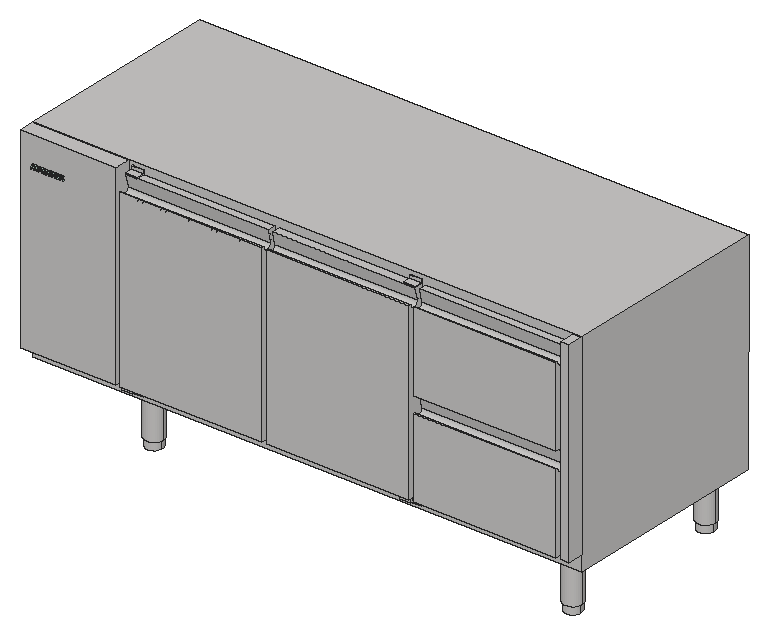
Revit family "QF_ALPENINOX_721130_AA3R7AAB", category Attrezzature speciali, Revit 2018 (continued)
Definition of nested family "HP_APX_BI_TN_L"
  Lines and regions (mm)
    Split face 120
      outline origin (330, -951.3, 50) x (1, 0, 0) y (0, 1, 0)
        loop
          arc (-286.464, 649.474) -> (-282.464, 653.474) -> (-286.464, 657.474) r 4
          line (-286.464, 657.474) -> (-328.464, 657.474)
    Split face 121
      outline origin (110, -951.3, 50) x (1, 0, 0) y (0, 1, 0)
        loop
          arc (-218.464, 657.474) -> (-222.464, 653.474) -> (-218.464, 649.474) r 4
          line (-218.464, 649.474) -> (-176.464, 649.474)
          arc (-176.464, 649.474) -> (-172.464, 653.474) -> (-176.464, 657.474) r 4
          line (-176.464, 657.474) -> (-218.464, 657.474)
    Split face 122
      outline origin (220, -951.3, 50) x (1, 0, 0) y (0, 1, 0)
        loop
          arc (-273.464, 657.474) -> (-277.464, 653.474) -> (-273.464, 649.474) r 4
          line (-273.464, 649.474) -> (-231.464, 649.474)
          arc (-231.464, 649.474) -> (-227.464, 653.474) -> (-231.464, 657.474) r 4
          line (-231.464, 657.474) -> (-273.464, 657.474)
    Split face 123
      outline origin (0, -975.3, 50) x (1, 0, 0) y (0, 1, 0)
        loop
          arc (-163.464, 669.474) -> (-167.464, 665.474) -> (-163.464, 661.474) r 4
          line (-163.464, 661.474) -> (-121.464, 661.474)
          arc (-121.464, 661.474) -> (-117.464, 665.474) -> (-121.464, 669.474) r 4
          line (-121.464, 669.474) -> (-163.464, 669.474)
    Split face 124
      outline origin (330, -975.3, 50) x (1, 0, 0) y (0, 1, 0)
        loop
          arc (-328.464, 669.474) -> (-332.464, 665.474) -> (-328.464, 661.474) r 4
          line (-328.464, 661.474) -> (-286.464, 661.474)
          arc (-286.464, 661.474) -> (-282.464, 665.474) -> (-286.464, 669.474) r 4
          line (-286.464, 669.474) -> (-328.464, 669.474)
    Split face 125
      outline origin (110, -975.3, 50) x (1, 0, 0) y (0, 1, 0)
        loop
          arc (-218.464, 669.474) -> (-222.464, 665.474) -> (-218.464, 661.474) r 4
          line (-218.464, 661.474) -> (-176.464, 661.474)
          arc (-176.464, 661.474) -> (-172.464, 665.474) -> (-176.464, 669.474) r 4
          line (-176.464, 669.474) -> (-218.464, 669.474)
    Split face 126
      outline origin (220, -975.3, 50) x (1, 0, 0) y (0, 1, 0)
        loop
          arc (-273.464, 669.474) -> (-277.464, 665.474) -> (-273.464, 661.474) r 4
          line (-273.464, 661.474) -> (-231.464, 661.474)
          arc (-231.464, 661.474) -> (-227.464, 665.474) -> (-231.464, 669.474) r 4
          line (-231.464, 669.474) -> (-273.464, 669.474)
    Split face 127
      outline origin (0, -999.3, 50) x (1, 0, 0) y (0, 1, 0)
        loop
          arc (-163.464, 681.474) -> (-167.464, 677.474) -> (-163.464, 673.474) r 4
          line (-163.464, 673.474) -> (-121.464, 673.474)
          arc (-121.464, 673.474) -> (-117.464, 677.474) -> (-121.464, 681.474) r 4
          line (-121.464, 681.474) -> (-163.464, 681.474)
    Split face 128
      outline origin (330, -999.3, 50) x (1, 0, 0) y (0, 1, 0)
        loop
          arc (-328.464, 681.474) -> (-332.464, 677.474) -> (-328.464, 673.474) r 4
          line (-328.464, 673.474) -> (-286.464, 673.474)
          arc (-286.464, 673.474) -> (-282.464, 677.474) -> (-286.464, 681.474) r 4
          line (-286.464, 681.474) -> (-328.464, 681.474)
    Split face 129
      outline origin (110, -999.3, 50) x (1, 0, 0) y (0, 1, 0)
        loop
          arc (-218.464, 681.474) -> (-222.464, 677.474) -> (-218.464, 673.474) r 4
          line (-218.464, 673.474) -> (-176.464, 673.474)
          arc (-176.464, 673.474) -> (-172.464, 677.474) -> (-176.464, 681.474) r 4
          line (-176.464, 681.474) -> (-218.464, 681.474)
    Split face 130
      outline origin (220, -999.3, 50) x (1, 0, 0) y (0, 1, 0)
        loop
          arc (-273.464, 681.474) -> (-277.464, 677.474) -> (-273.464, 673.474) r 4
          line (-273.464, 673.474) -> (-231.464, 673.474)
          arc (-231.464, 673.474) -> (-227.464, 677.474) -> (-231.464, 681.474) r 4
          line (-231.464, 681.474) -> (-273.464, 681.474)
    Split face 131
      outline origin (0, -1023.3, 50) x (1, 0, 0) y (0, 1, 0)
        loop
          arc (-163.464, 693.474) -> (-167.464, 689.474) -> (-163.464, 685.474) r 4
          line (-163.464, 685.474) -> (-121.464, 685.474)
          arc (-121.464, 685.474) -> (-117.464, 689.474) -> (-121.464, 693.474) r 4
          line (-121.464, 693.474) -> (-163.464, 693.474)
    Split face 132
      outline origin (330, -1023.3, 50) x (1, 0, 0) y (0, 1, 0)
        loop
          arc (-328.464, 693.474) -> (-332.464, 689.474) -> (-328.464, 685.474) r 4
          line (-328.464, 685.474) -> (-286.464, 685.474)
          arc (-286.464, 685.474) -> (-282.464, 689.474) -> (-286.464, 693.474) r 4
          line (-286.464, 693.474) -> (-328.464, 693.474)
    Split face 133
      outline origin (110, -1023.3, 50) x (1, 0, 0) y (0, 1, 0)
        loop
          arc (-218.464, 693.474) -> (-222.464, 689.474) -> (-218.464, 685.474) r 4
          line (-218.464, 685.474) -> (-176.464, 685.474)
          arc (-176.464, 685.474) -> (-172.464, 689.474) -> (-176.464, 693.474) r 4
          line (-176.464, 693.474) -> (-218.464, 693.474)
    Split face 134
      outline origin (220, -1023.3, 50) x (1, 0, 0) y (0, 1, 0)
        loop
          arc (-273.464, 693.474) -> (-277.464, 689.474) -> (-273.464, 685.474) r 4
          line (-273.464, 685.474) -> (-231.464, 685.474)
          arc (-231.464, 685.474) -> (-227.464, 689.474) -> (-231.464, 693.474) r 4
          line (-231.464, 693.474) -> (-273.464, 693.474)
    symbolic lines
      curve 1: line (87.08, -49, 50) -> (87.08, -49, 0)
  Dimensions and locks
    equal spacing: plane 6, plane 1 "Center (Front/Back)", plane 7
    equal spacing: plane 4, plane 3 "Center (Left/Right)", plane 5
    aligned and locked: plane 2 to Extrusion 1
    aligned and locked: level to Extrusion 1
  Automatic sketch dimensions
    Split face 5 sketch curve to Split face 5 sketch curve = 42 mm
    Split face 5 sketch curve to Split face 5 sketch curve = 4 mm
    Split face 6 sketch curve to Split face 6 sketch curve = 42 mm
    Split face 6 sketch curve to Split face 6 sketch curve = 4 mm
    Split face 7 sketch curve to Split face 7 sketch curve = 42 mm
    Split face 7 sketch curve to Split face 7 sketch curve = 4 mm
    Split face 8 sketch curve to Split face 8 sketch curve = 42 mm
    Split face 8 sketch curve to Split face 8 sketch curve = 4 mm
    Split face 9 sketch curve to Split face 9 sketch curve = 42 mm
    Split face 9 sketch curve to Split face 9 sketch curve = 4 mm
    Split face 10 sketch curve to Split face 10 sketch curve = 42 mm
    Split face 10 sketch curve to Split face 10 sketch curve = 4 mm
    Split face 11 sketch curve to Split face 11 sketch curve = 42 mm
    Split face 11 sketch curve to Split face 11 sketch curve = 4 mm
    Split face 12 sketch curve to Split face 12 sketch curve = 42 mm
    Split face 12 sketch curve to Split face 12 sketch curve = 4 mm
    Split face 13 sketch curve to Split face 13 sketch curve = 42 mm
    Split face 13 sketch curve to Split face 13 sketch curve = 4 mm
    Split face 14 sketch curve to Split face 14 sketch curve = 42 mm
    Split face 14 sketch curve to Split face 14 sketch curve = 4 mm
    Split face 15 sketch curve to Split face 15 sketch curve = 42 mm
    Split face 15 sketch curve to Split face 15 sketch curve = 4 mm
    Split face 16 sketch curve to Split face 16 sketch curve = 42 mm
    Split face 16 sketch curve to Split face 16 sketch curve = 4 mm
    Split face 17 sketch curve to Split face 17 sketch curve = 42 mm
    Split face 17 sketch curve to Split face 17 sketch curve = 4 mm
    Split face 18 sketch curve to Split face 18 sketch curve = 42 mm
    Split face 18 sketch curve to Split face 18 sketch curve = 4 mm
    Split face 19 sketch curve to Split face 19 sketch curve = 42 mm
    Split face 19 sketch curve to Split face 19 sketch curve = 4 mm
    Split face 20 sketch curve to Split face 20 sketch curve = 42 mm
    Split face 20 sketch curve to Split face 20 sketch curve = 4 mm
    Split face 21 sketch curve to Split face 21 sketch curve = 42 mm
    Split face 21 sketch curve to Split face 21 sketch curve = 4 mm
    Split face 22 sketch curve to Split face 22 sketch curve = 42 mm
    Split face 22 sketch curve to Split face 22 sketch curve = 4 mm
    Split face 23 sketch curve to Split face 23 sketch curve = 42 mm
    Split face 23 sketch curve to Split face 23 sketch curve = 4 mm
    Split face 24 sketch curve to Split face 24 sketch curve = 42 mm
    Split face 24 sketch curve to Split face 24 sketch curve = 4 mm
    Split face 25 sketch curve to Split face 25 sketch curve = 42 mm
    Split face 25 sketch curve to Split face 25 sketch curve = 4 mm
    Split face 26 sketch curve to Split face 26 sketch curve = 42 mm
    Split face 26 sketch curve to Split face 26 sketch curve = 4 mm
    Split face 27 sketch curve to Split face 27 sketch curve = 42 mm
    Split face 27 sketch curve to Split face 27 sketch curve = 4 mm
    Split face 28 sketch curve to Split face 28 sketch curve = 42 mm
    Split face 28 sketch curve to Split face 28 sketch curve = 4 mm
    Split face 29 sketch curve to Split face 29 sketch curve = 42 mm
    Split face 29 sketch curve to Split face 29 sketch curve = 4 mm
    Split face 30 sketch curve to Split face 30 sketch curve = 42 mm
    Split face 30 sketch curve to Split face 30 sketch curve = 4 mm
    Split face 31 sketch curve to Split face 31 sketch curve = 42 mm
    Split face 31 sketch curve to Split face 31 sketch curve = 4 mm
    Split face 32 sketch curve to Split face 32 sketch curve = 42 mm
    Split face 32 sketch curve to Split face 32 sketch curve = 4 mm
    Split face 33 sketch curve to Split face 33 sketch curve = 42 mm
    Split face 33 sketch curve to Split face 33 sketch curve = 4 mm
    Split face 34 sketch curve to Split face 34 sketch curve = 42 mm
    Split face 34 sketch curve to Split face 34 sketch curve = 4 mm
    Split face 35 sketch curve to Split face 35 sketch curve = 42 mm
    Split face 35 sketch curve to Split face 35 sketch curve = 4 mm
    Split face 36 sketch curve to Split face 36 sketch curve = 42 mm
    Split face 36 sketch curve to Split face 36 sketch curve = 4 mm
    Split face 37 sketch curve to Split face 37 sketch curve = 42 mm
    Split face 37 sketch curve to Split face 37 sketch curve = 4 mm
    Split face 38 sketch curve to Split face 38 sketch curve = 42 mm
    Split face 38 sketch curve to Split face 38 sketch curve = 4 mm
    Split face 39 sketch curve to Split face 39 sketch curve = 42 mm
    Split face 39 sketch curve to Split face 39 sketch curve = 4 mm
    Split face 40 sketch curve to Split face 40 sketch curve = 42 mm
    Split face 40 sketch curve to Split face 40 sketch curve = 4 mm
    Split face 41 sketch curve to Split face 41 sketch curve = 42 mm
    Split face 41 sketch curve to Split face 41 sketch curve = 4 mm
    Split face 42 sketch curve to Split face 42 sketch curve = 42 mm
    Split face 42 sketch curve to Split face 42 sketch curve = 4 mm
    Split face 43 sketch curve to Split face 43 sketch curve = 42 mm
    Split face 43 sketch curve to Split face 43 sketch curve = 4 mm
    Split face 44 sketch curve to Split face 44 sketch curve = 42 mm
    Split face 44 sketch curve to Split face 44 sketch curve = 4 mm
    Split face 45 sketch curve to Split face 45 sketch curve = 42 mm
    Split face 45 sketch curve to Split face 45 sketch curve = 4 mm
    Split face 46 sketch curve to Split face 46 sketch curve = 42 mm
    Split face 46 sketch curve to Split face 46 sketch curve = 4 mm
    Split face 47 sketch curve to Split face 47 sketch curve = 42 mm
    Split face 47 sketch curve to Split face 47 sketch curve = 4 mm
    Split face 48 sketch curve to Split face 48 sketch curve = 42 mm
    Split face 48 sketch curve to Split face 48 sketch curve = 4 mm
    Split face 49 sketch curve to Split face 49 sketch curve = 42 mm
    Split face 49 sketch curve to Split face 49 sketch curve = 4 mm
    Split face 50 sketch curve to Split face 50 sketch curve = 42 mm
    Split face 50 sketch curve to Split face 50 sketch curve = 4 mm
    Split face 51 sketch curve to Split face 51 sketch curve = 42 mm
    Split face 51 sketch curve to Split face 51 sketch curve = 4 mm
    Split face 52 sketch curve to Split face 52 sketch curve = 42 mm
    Split face 52 sketch curve to Split face 52 sketch curve = 4 mm
    Split face 53 sketch curve to Split face 53 sketch curve = 42 mm
    Split face 53 sketch curve to Split face 53 sketch curve = 4 mm
    Split face 54 sketch curve to Split face 54 sketch curve = 42 mm
    Split face 54 sketch curve to Split face 54 sketch curve = 4 mm
    Split face 55 sketch curve to Split face 55 sketch curve = 42 mm
    Split face 55 sketch curve to Split face 55 sketch curve = 4 mm
    Split face 56 sketch curve to Split face 56 sketch curve = 42 mm
    Split face 56 sketch curve to Split face 56 sketch curve = 4 mm
    Split face 57 sketch curve to Split face 57 sketch curve = 42 mm
    Split face 57 sketch curve to Split face 57 sketch curve = 4 mm
    Split face 58 sketch curve to Split face 58 sketch curve = 42 mm
    Split face 58 sketch curve to Split face 58 sketch curve = 4 mm
    Split face 59 sketch curve to Split face 59 sketch curve = 42 mm
    Split face 59 sketch curve to Split face 59 sketch curve = 4 mm
    Split face 60 sketch curve to Split face 60 sketch curve = 42 mm
    Split face 60 sketch curve to Split face 60 sketch curve = 4 mm
    Split face 61 sketch curve to Split face 61 sketch curve = 42 mm
    Split face 61 sketch curve to Split face 61 sketch curve = 4 mm
    Split face 62 sketch curve to Split face 62 sketch curve = 42 mm
    Split face 62 sketch curve to Split face 62 sketch curve = 4 mm
    Split face 63 sketch curve to Split face 63 sketch curve = 42 mm
    Split face 63 sketch curve to Split face 63 sketch curve = 4 mm
    Split face 64 sketch curve to Split face 64 sketch curve = 42 mm
    Split face 64 sketch curve to Split face 64 sketch curve = 4 mm
    Split face 65 sketch curve to Split face 65 sketch curve = 42 mm
    Split face 65 sketch curve to Split face 65 sketch curve = 4 mm
    Split face 66 sketch curve to Split face 66 sketch curve = 42 mm
    Split face 66 sketch curve to Split face 66 sketch curve = 4 mm
    Split face 67 sketch curve to Split face 67 sketch curve = 42 mm
    Split face 67 sketch curve to Split face 67 sketch curve = 4 mm
    Split face 68 sketch curve to Split face 68 sketch curve = 42 mm
    Split face 68 sketch curve to Split face 68 sketch curve = 4 mm
    Split face 69 sketch curve to Split face 69 sketch curve = 42 mm
    Split face 69 sketch curve to Split face 69 sketch curve = 4 mm
    Split face 71 sketch curve to Split face 71 sketch curve = 42 mm
    Split face 71 sketch curve to Split face 71 sketch curve = 4 mm
    Split face 72 sketch curve to Split face 72 sketch curve = 42 mm
    Split face 72 sketch curve to Split face 72 sketch curve = 4 mm
    Split face 73 sketch curve to Split face 73 sketch curve = 42 mm
    Split face 73 sketch curve to Split face 73 sketch curve = 4 mm
    Split face 74 sketch curve to Split face 74 sketch curve = 42 mm
    Split face 74 sketch curve to Split face 74 sketch curve = 4 mm
    Split face 75 sketch curve to Split face 75 sketch curve = 42 mm
    Split face 75 sketch curve to Split face 75 sketch curve = 4 mm
    Split face 76 sketch curve to Split face 76 sketch curve = 42 mm
    Split face 76 sketch curve to Split face 76 sketch curve = 4 mm
    Split face 77 sketch curve to Split face 77 sketch curve = 42 mm
    Split face 77 sketch curve to Split face 77 sketch curve = 4 mm
    Split face 78 sketch curve to Split face 78 sketch curve = 42 mm
    Split face 78 sketch curve to Split face 78 sketch curve = 4 mm
    Split face 79 sketch curve to Split face 79 sketch curve = 42 mm
    Split face 79 sketch curve to Split face 79 sketch curve = 4 mm
    Split face 80 sketch curve to Split face 80 sketch curve = 42 mm
    Split face 80 sketch curve to Split face 80 sketch curve = 4 mm
    Split face 81 sketch curve to Split face 81 sketch curve = 42 mm
    Split face 81 sketch curve to Split face 81 sketch curve = 4 mm
    Split face 82 sketch curve to Split face 82 sketch curve = 42 mm
    Split face 82 sketch curve to Split face 82 sketch curve = 4 mm
    Split face 83 sketch curve to Split face 83 sketch curve = 42 mm
    Split face 83 sketch curve to Split face 83 sketch curve = 4 mm
    Split face 84 sketch curve to Split face 84 sketch curve = 42 mm
    Split face 84 sketch curve to Split face 84 sketch curve = 4 mm
    Split face 85 sketch curve to Split face 85 sketch curve = 42 mm
    Split face 85 sketch curve to Split face 85 sketch curve = 4 mm
    Split face 86 sketch curve to Split face 86 sketch curve = 42 mm
    Split face 86 sketch curve to Split face 86 sketch curve = 4 mm
    Split face 87 sketch curve to Split face 87 sketch curve = 42 mm
    Split face 87 sketch curve to Split face 87 sketch curve = 4 mm
    Split face 88 sketch curve to Split face 88 sketch curve = 42 mm
    Split face 88 sketch curve to Split face 88 sketch curve = 4 mm
    Split face 89 sketch curve to Split face 89 sketch curve = 42 mm
    Split face 89 sketch curve to Split face 89 sketch curve = 4 mm
    Split face 90 sketch curve to Split face 90 sketch curve = 42 mm
    Split face 90 sketch curve to Split face 90 sketch curve = 4 mm
    Split face 91 sketch curve to Split face 91 sketch curve = 42 mm
    Split face 91 sketch curve to Split face 91 sketch curve = 4 mm
    Split face 92 sketch curve to Split face 92 sketch curve = 42 mm
    Split face 92 sketch curve to Split face 92 sketch curve = 4 mm
    Split face 93 sketch curve to Split face 93 sketch curve = 42 mm
    Split face 93 sketch curve to Split face 93 sketch curve = 4 mm
    Split face 94 sketch curve to Split face 94 sketch curve = 42 mm
    Split face 94 sketch curve to Split face 94 sketch curve = 4 mm
    Split face 95 sketch curve to Split face 95 sketch curve = 42 mm
    Split face 95 sketch curve to Split face 95 sketch curve = 4 mm
    Split face 96 sketch curve to Split face 96 sketch curve = 42 mm
    Split face 96 sketch curve to Split face 96 sketch curve = 4 mm
    Split face 97 sketch curve to Split face 97 sketch curve = 42 mm
    Split face 97 sketch curve to Split face 97 sketch curve = 4 mm
    Split face 98 sketch curve to Split face 98 sketch curve = 42 mm
    Split face 98 sketch curve to Split face 98 sketch curve = 4 mm
    Split face 99 sketch curve to Split face 99 sketch curve = 42 mm
    Split face 99 sketch curve to Split face 99 sketch curve = 4 mm
    Split face 100 sketch curve to Split face 100 sketch curve = 42 mm
    Split face 100 sketch curve to Split face 100 sketch curve = 4 mm
    Split face 101 sketch curve to Split face 101 sketch curve = 42 mm
    Split face 101 sketch curve to Split face 101 sketch curve = 4 mm
    Split face 102 sketch curve to Split face 102 sketch curve = 42 mm
    Split face 102 sketch curve to Split face 102 sketch curve = 4 mm
    Split face 103 sketch curve to Split face 103 sketch curve = 42 mm
    Split face 103 sketch curve to Split face 103 sketch curve = 4 mm
    Split face 104 sketch curve to Split face 104 sketch curve = 42 mm
    Split face 104 sketch curve to Split face 104 sketch curve = 4 mm
    Split face 105 sketch curve to Split face 105 sketch curve = 42 mm
    Split face 105 sketch curve to Split face 105 sketch curve = 4 mm
    Split face 106 sketch curve to Split face 106 sketch curve = 42 mm
    Split face 106 sketch curve to Split face 106 sketch curve = 4 mm
    Split face 107 sketch curve to Split face 107 sketch curve = 42 mm
    Split face 107 sketch curve to Split face 107 sketch curve = 4 mm
    Split face 108 sketch curve to Split face 108 sketch curve = 42 mm
    Split face 108 sketch curve to Split face 108 sketch curve = 4 mm
    Split face 109 sketch curve to Split face 109 sketch curve = 42 mm
    Split face 109 sketch curve to Split face 109 sketch curve = 4 mm
    Split face 110 sketch curve to Split face 110 sketch curve = 42 mm
    Split face 110 sketch curve to Split face 110 sketch curve = 4 mm
    Split face 111 sketch curve to Split face 111 sketch curve = 42 mm
    Split face 111 sketch curve to Split face 111 sketch curve = 4 mm
    Split face 112 sketch curve to Split face 112 sketch curve = 42 mm
    Split face 112 sketch curve to Split face 112 sketch curve = 4 mm
    Split face 113 sketch curve to Split face 113 sketch curve = 42 mm
    Split face 113 sketch curve to Split face 113 sketch curve = 4 mm
    Split face 114 sketch curve to Split face 114 sketch curve = 42 mm
    Split face 114 sketch curve to Split face 114 sketch curve = 4 mm
    Split face 115 sketch curve to Split face 115 sketch curve = 42 mm
    Split face 115 sketch curve to Split face 115 sketch curve = 4 mm
    Split face 116 sketch curve to Split face 116 sketch curve = 42 mm
    Split face 116 sketch curve to Split face 116 sketch curve = 4 mm
    Split face 117 sketch curve to Split face 117 sketch curve = 42 mm
    Split face 117 sketch curve to Split face 117 sketch curve = 4 mm
    Split face 118 sketch curve to Split face 118 sketch curve = 42 mm
    Split face 118 sketch curve to Split face 118 sketch curve = 4 mm
    Split face 119 sketch curve to Split face 119 sketch curve = 42 mm
    Split face 119 sketch curve to Split face 119 sketch curve = 4 mm
    Split face 120 sketch curve to Split face 120 sketch curve = 42 mm
    Split face 120 sketch curve to Split face 120 sketch curve = 4 mm
    Split face 121 sketch curve to Split face 121 sketch curve = 42 mm
    Split face 121 sketch curve to Split face 121 sketch curve = 4 mm
    Split face 122 sketch curve to Split face 122 sketch curve = 42 mm
    Split face 122 sketch curve to Split face 122 sketch curve = 4 mm
    Split face 123 sketch curve to Split face 123 sketch curve = 42 mm
    Split face 123 sketch curve to Split face 123 sketch curve = 4 mm
    Split face 124 sketch curve to Split face 124 sketch curve = 42 mm
    Split face 124 sketch curve to Split face 124 sketch curve = 4 mm
    Split face 125 sketch curve to Split face 125 sketch curve = 42 mm
    Split face 125 sketch curve to Split face 125 sketch curve = 4 mm
    Split face 126 sketch curve to Split face 126 sketch curve = 42 mm
    Split face 126 sketch curve to Split face 126 sketch curve = 4 mm
    Split face 127 sketch curve to Split face 127 sketch curve = 42 mm
    Split face 127 sketch curve to Split face 127 sketch curve = 4 mm
    Split face 128 sketch curve to Split face 128 sketch curve = 42 mm
    Split face 128 sketch curve to Split face 128 sketch curve = 4 mm
    Split face 129 sketch curve to Split face 129 sketch curve = 42 mm
    Split face 129 sketch curve to Split face 129 sketch curve = 4 mm
    Split face 130 sketch curve to Split face 130 sketch curve = 42 mm
    Split face 130 sketch curve to Split face 130 sketch curve = 4 mm
    Split face 131 sketch curve to Split face 131 sketch curve = 42 mm
    Split face 131 sketch curve to Split face 131 sketch curve = 4 mm
    Split face 132 sketch curve to Split face 132 sketch curve = 42 mm
    Split face 132 sketch curve to Split face 132 sketch curve = 4 mm
    Split face 133 sketch curve to Split face 133 sketch curve = 42 mm
    Split face 133 sketch curve to Split face 133 sketch curve = 4 mm
    Split face 134 sketch curve to Split face 134 sketch curve = 42 mm
    Split face 134 sketch curve to Split face 134 sketch curve = 4 mm
    Extrusion 1 sketch curve to Extrusion 1 sketch curve = 2438.4 mm  (x2)
    Extrusion 2 sketch curve to plane 4 = 0 mm
    Extrusion 2 sketch curve to plane 5 = 0 mm
    Extrusion 2 sketch curve to plane 7 = 0 mm
    Extrusion 2 sketch curve to plane 6 = 0 mm
    Split face 1 sketch curve to Extrusion 2 = 0 mm  (x2)
    Split face 1 sketch curve to Extrusion 2 = 34 mm
    Split face 1 sketch curve to Extrusion 2 = 104 mm
    Split face 1 sketch curve to Split face 1 sketch curve = 17.5 mm
    Split face 2 sketch curve to Extrusion 2 = 130.5 mm
    Split face 2 sketch curve to Extrusion 2 = 60.5 mm
    Split face 2 sketch curve to Extrusion 2 = 98 mm
    Split face 2 sketch curve to Split face 2 sketch curve = 23 mm
    Split face 3 sketch curve to Extrusion 2 = 80.5 mm
    Split face 3 sketch curve to Split face 3 sketch curve = 17 mm  (x2)
    Split face 3 sketch curve to Extrusion 2 = 95 mm
    plane 4 to Extrusion 3 sketch curve = 34.51 mm
    Extrusion 3 sketch curve to Extrusion 3 sketch curve = 1.266 mm
    Extrusion 3 sketch curve to Extrusion 3 sketch curve = 1.307 mm
    Extrusion 3 sketch curve to Extrusion 3 sketch curve = 0.57 mm
    Extrusion 3 sketch curve to Extrusion 3 sketch curve = 0.593 mm
    Extrusion 3 sketch curve to Extrusion 3 sketch curve = 0.799 mm
    Extrusion 3 sketch curve to Extrusion 3 sketch curve = 1.99 mm  (x2)
    Extrusion 3 sketch curve to Extrusion 3 sketch curve = 0.003 mm
    Extrusion 3 sketch curve to Extrusion 3 sketch curve = 3.534 mm
    Extrusion 3 sketch curve to Extrusion 3 sketch curve = 0.835 mm
    Extrusion 3 sketch curve to Extrusion 3 sketch curve = 0.56 mm
    Extrusion 3 sketch curve to Extrusion 3 sketch curve = 1.268 mm
    Extrusion 3 sketch curve to Extrusion 3 sketch curve = 1.223 mm
    Extrusion 3 sketch curve to Extrusion 3 sketch curve = 1.344 mm
    Extrusion 3 sketch curve to Extrusion 3 sketch curve = 1.394 mm  (x2)
    Extrusion 3 sketch curve to Extrusion 3 sketch curve = 1.512 mm
    Extrusion 3 sketch curve to Extrusion 3 sketch curve = 3.309 mm
    Extrusion 3 sketch curve to Extrusion 3 sketch curve = 5.841 mm
    Extrusion 3 sketch curve to Extrusion 3 sketch curve = 1.393 mm
    Extrusion 3 sketch curve to Extrusion 3 sketch curve = 1.439 mm
    Extrusion 3 sketch curve to Extrusion 3 sketch curve = 0 mm  (x19)
    Extrusion 3 sketch curve to Extrusion 3 sketch curve = 1.902 mm
    Extrusion 3 sketch curve to Extrusion 3 sketch curve = 0.052 mm
    Extrusion 3 sketch curve to Extrusion 3 sketch curve = 2.065 mm
    Extrusion 3 sketch curve to Extrusion 3 sketch curve = 0.647 mm
    Extrusion 3 sketch curve to Extrusion 3 sketch curve = 8.079 mm
    Extrusion 3 sketch curve to Extrusion 3 sketch curve = 0.073 mm
    Extrusion 3 sketch curve to Extrusion 3 sketch curve = 2.145 mm
    Extrusion 3 sketch curve to Extrusion 3 sketch curve = 2.931 mm
    Extrusion 3 sketch curve to Extrusion 3 sketch curve = 0.213 mm
    Extrusion 3 sketch curve to Extrusion 3 sketch curve = 0.026 mm
    Extrusion 3 sketch curve to Extrusion 3 sketch curve = 0.263 mm
    Extrusion 3 sketch curve to Extrusion 3 sketch curve = 0.516 mm
    Extrusion 3 sketch curve to Extrusion 3 sketch curve = 0.356 mm
    Extrusion 3 sketch curve to Extrusion 3 sketch curve = 0.387 mm
    Extrusion 3 sketch curve to Extrusion 3 sketch curve = 2.378 mm
    Extrusion 3 sketch curve to Extrusion 3 sketch curve = 2.466 mm
    Extrusion 3 sketch curve to Extrusion 3 sketch curve = 0.602 mm
    Extrusion 3 sketch curve to Extrusion 3 sketch curve = 1.02 mm
    Extrusion 3 sketch curve to Extrusion 3 sketch curve = 0.949 mm
    Extrusion 3 sketch curve to Extrusion 3 sketch curve = 1.728 mm
    Extrusion 3 sketch curve to Extrusion 3 sketch curve = 0.157 mm  (x2)
    Extrusion 3 sketch curve to Extrusion 3 sketch curve = 0.292 mm
    Extrusion 3 sketch curve to Extrusion 3 sketch curve = 3.565 mm
    Extrusion 3 sketch curve to Extrusion 3 sketch curve = 1.396 mm  (x2)
    Extrusion 3 sketch curve to Extrusion 3 sketch curve = 1.418 mm  (x2)
    Extrusion 3 sketch curve to Extrusion 3 sketch curve = 1.151 mm  (x2)
    Extrusion 3 sketch curve to Extrusion 3 sketch curve = 5.709 mm  (x2)
    Extrusion 3 sketch curve to Extrusion 3 sketch curve = 0.224 mm  (x2)
    Extrusion 3 sketch curve to Extrusion 3 sketch curve = 1.149 mm  (x2)
    Extrusion 3 sketch curve to Extrusion 3 sketch curve = 1.395 mm  (x2)
    Extrusion 3 sketch curve to Extrusion 3 sketch curve = 1.744 mm
    Extrusion 3 sketch curve to Extrusion 3 sketch curve = 1.745 mm
    Extrusion 3 sketch curve to Extrusion 3 sketch curve = 6.963 mm
    Extrusion 3 sketch curve to Extrusion 3 sketch curve = 0.493 mm  (x3)
    Extrusion 3 sketch curve to Extrusion 3 sketch curve = 0.273 mm  (x2)
    Extrusion 3 sketch curve to Extrusion 3 sketch curve = 0.021 mm  (x2)
    Extrusion 3 sketch curve to Extrusion 3 sketch curve = 0.226 mm  (x2)
    Extrusion 3 sketch curve to Extrusion 3 sketch curve = 0.268 mm  (x2)
    Extrusion 3 sketch curve to Extrusion 3 sketch curve = 0.294 mm
    Extrusion 3 sketch curve to Extrusion 3 sketch curve = 5.238 mm
    Extrusion 3 sketch curve to Extrusion 3 sketch curve = 5.908 mm
    Extrusion 3 sketch curve to Extrusion 3 sketch curve = 1.109 mm  (x2)
    Extrusion 3 sketch curve to Extrusion 3 sketch curve = 1.108 mm  (x2)
    Extrusion 3 sketch curve to Extrusion 3 sketch curve = 1.142 mm  (x2)
    Extrusion 3 sketch curve to Extrusion 3 sketch curve = 1.216 mm  (x2)
    Extrusion 3 sketch curve to Extrusion 3 sketch curve = 3.013 mm
    Extrusion 3 sketch curve to Extrusion 3 sketch curve = 1.616 mm  (x3)
    Extrusion 3 sketch curve to Extrusion 3 sketch curve = 2.305 mm
    Extrusion 3 sketch curve to Extrusion 3 sketch curve = 3.049 mm
    Extrusion 3 sketch curve to plane 6 = 93.469 mm
    Extrusion 3 sketch curve to Extrusion 3 sketch curve = 0.498 mm
    Extrusion 3 sketch curve to Extrusion 3 sketch curve = 0.682 mm
    Extrusion 3 sketch curve to Extrusion 3 sketch curve = 0.664 mm
    Extrusion 3 sketch curve to Extrusion 3 sketch curve = 0.425 mm
    Extrusion 3 sketch curve to Extrusion 3 sketch curve = 0.41 mm
    Extrusion 3 sketch curve to Extrusion 3 sketch curve = 1.272 mm
    Extrusion 3 sketch curve to Extrusion 3 sketch curve = 0.789 mm  (x2)
    Extrusion 3 sketch curve to Extrusion 3 sketch curve = 0.056 mm
    Extrusion 3 sketch curve to Extrusion 3 sketch curve = 0.83 mm
    Extrusion 3 sketch curve to Extrusion 3 sketch curve = 1.238 mm
    Extrusion 3 sketch curve to Extrusion 3 sketch curve = 1.732 mm
    Extrusion 3 sketch curve to Extrusion 3 sketch curve = 0.346 mm
    Extrusion 3 sketch curve to Extrusion 3 sketch curve = 1.123 mm
    Extrusion 3 sketch curve to Extrusion 3 sketch curve = 3.023 mm
    Extrusion 3 sketch curve to Extrusion 3 sketch curve = 4.203 mm
    Extrusion 3 sketch curve to Extrusion 3 sketch curve = 3.452 mm  (x2)
    Extrusion 3 sketch curve to Extrusion 3 sketch curve = 2.544 mm
    Extrusion 3 sketch curve to Extrusion 3 sketch curve = 1.177 mm
    Extrusion 3 sketch curve to Extrusion 3 sketch curve = 3.261 mm
    Extrusion 3 sketch curve to Extrusion 3 sketch curve = 0.352 mm  (x2)
    Extrusion 3 sketch curve to Extrusion 3 sketch curve = 1.987 mm
    Extrusion 3 sketch curve to Extrusion 3 sketch curve = 0.171 mm
    Extrusion 3 sketch curve to Extrusion 3 sketch curve = 0.533 mm  (x3)
    Extrusion 3 sketch curve to Extrusion 3 sketch curve = 0.14 mm  (x4)
    Extrusion 3 sketch curve to Extrusion 3 sketch curve = 0.473 mm
    Extrusion 3 sketch curve to Extrusion 3 sketch curve = 0.31 mm  (x2)
    Extrusion 3 sketch curve to Extrusion 3 sketch curve = 0.075 mm
    Extrusion 3 sketch curve to Extrusion 3 sketch curve = 2.431 mm
    Extrusion 3 sketch curve to Extrusion 3 sketch curve = 2.32 mm  (x2)
    Extrusion 3 sketch curve to Extrusion 3 sketch curve = 1.992 mm
    Extrusion 3 sketch curve to Extrusion 3 sketch curve = 0.674 mm
    Extrusion 3 sketch curve to Extrusion 3 sketch curve = 0.732 mm
    Extrusion 3 sketch curve to Extrusion 3 sketch curve = 0.388 mm
    Extrusion 3 sketch curve to Extrusion 3 sketch curve = 0.121 mm
    Extrusion 3 sketch curve to Extrusion 3 sketch curve = 2.589 mm
    Extrusion 3 sketch curve to Extrusion 3 sketch curve = 0.662 mm
    Extrusion 3 sketch curve to Extrusion 3 sketch curve = 3.473 mm
    Extrusion 3 sketch curve to Extrusion 3 sketch curve = 0.681 mm
    Extrusion 3 sketch curve to Extrusion 3 sketch curve = 1.615 mm
    Extrusion 3 sketch curve to Extrusion 3 sketch curve = 0.34 mm
    Extrusion 3 sketch curve to Extrusion 3 sketch curve = 2.288 mm
    Extrusion 3 sketch curve to Extrusion 3 sketch curve = 0.942 mm
    Extrusion 3 sketch curve to Extrusion 3 sketch curve = 5.4 mm
    Extrusion 3 sketch curve to Extrusion 3 sketch curve = 1.768 mm  (x2)
    Extrusion 3 sketch curve to Extrusion 3 sketch curve = 0.761 mm
    Extrusion 3 sketch curve to Extrusion 3 sketch curve = 0.996 mm
    Extrusion 3 sketch curve to Extrusion 3 sketch curve = 3.543 mm  (x2)
    Extrusion 3 sketch curve to Extrusion 3 sketch curve = 7.017 mm
    Extrusion 3 sketch curve to Extrusion 3 sketch curve = 0.11 mm
    Extrusion 3 sketch curve to Extrusion 3 sketch curve = 0.823 mm  (x2)
    Extrusion 3 sketch curve to Extrusion 3 sketch curve = 0.947 mm
    Extrusion 3 sketch curve to Extrusion 3 sketch curve = 3.837 mm
    Extrusion 3 sketch curve to Extrusion 3 sketch curve = 0.623 mm
    Extrusion 3 sketch curve to Extrusion 3 sketch curve = 1.082 mm
    Extrusion 3 sketch curve to Extrusion 3 sketch curve = 0.801 mm
    Extrusion 3 sketch curve to Extrusion 3 sketch curve = 1 mm
    Extrusion 3 sketch curve to Extrusion 3 sketch curve = 0.089 mm
    Extrusion 3 sketch curve to Extrusion 3 sketch curve = 4.257 mm
    Extrusion 3 sketch curve to Extrusion 3 sketch curve = 4.345 mm  (x2)
    Extrusion 3 sketch curve to Extrusion 3 sketch curve = 2.576 mm
    Extrusion 3 sketch curve to Extrusion 3 sketch curve = 1.385 mm  (x4)
    Extrusion 3 sketch curve to Extrusion 3 sketch curve = 2.133 mm  (x4)
    Extrusion 3 sketch curve to Extrusion 3 sketch curve = 3.518 mm
    Extrusion 3 sketch curve to Extrusion 3 sketch curve = 5.603 mm
    Extrusion 3 sketch curve to Extrusion 3 sketch curve = 2.571 mm
    Split face 4 sketch curve to Extrusion 2 = 0 mm  (x2)
    Split face 4 sketch curve to Extrusion 2 = 64 mm
    Extrusion 4 sketch curve to Extrusion 4 sketch curve = 294 mm
    Extrusion 4 sketch curve to Extrusion 4 sketch curve = 652 mm
    Split face 70 sketch curve to Extrusion 2 = 0 mm  (x2)
    Split face 70 sketch curve to Extrusion 2 = 109 mm
    Split face 5 sketch curve to Extrusion 2 = 43.456 mm
    Split face 5 sketch curve to Extrusion 2 = 128.176 mm
    Split face 6 sketch curve to Extrusion 2 = 85.544 mm
    Split face 6 sketch curve to Extrusion 2 = 128.176 mm
    Split face 7 sketch curve to Extrusion 2 = 98.456 mm
    Split face 7 sketch curve to Extrusion 2 = 128.176 mm
    Split face 8 sketch curve to Extrusion 2 = 140.544 mm
    Split face 8 sketch curve to Extrusion 2 = 128.176 mm
    Split face 10 sketch curve to Extrusion 2 = 43.456 mm
    Split face 10 sketch curve to Extrusion 2 = 140.176 mm
    Split face 11 sketch curve to Extrusion 2 = 85.544 mm
    Split face 11 sketch curve to Extrusion 2 = 140.176 mm
    Split face 12 sketch curve to Extrusion 2 = 98.456 mm
    Split face 12 sketch curve to Extrusion 2 = 140.176 mm
    Split face 13 sketch curve to Extrusion 2 = 140.544 mm
    Split face 13 sketch curve to Extrusion 2 = 140.176 mm
    Split face 14 sketch curve to Extrusion 2 = 43.456 mm
    Split face 14 sketch curve to Extrusion 2 = 152.176 mm
    Split face 15 sketch curve to Extrusion 2 = 85.544 mm
    Split face 15 sketch curve to Extrusion 2 = 152.176 mm
    Split face 16 sketch curve to Extrusion 2 = 98.456 mm
    Split face 16 sketch curve to Extrusion 2 = 152.176 mm
    Split face 17 sketch curve to Extrusion 2 = 140.544 mm
    Split face 17 sketch curve to Extrusion 2 = 152.176 mm
    Split face 18 sketch curve to Extrusion 2 = 43.456 mm
    Split face 18 sketch curve to Extrusion 2 = 164.176 mm
    Split face 19 sketch curve to Extrusion 2 = 85.544 mm
    Split face 19 sketch curve to Extrusion 2 = 164.176 mm
    Split face 20 sketch curve to Extrusion 2 = 98.456 mm
    Split face 20 sketch curve to Extrusion 2 = 164.176 mm
    Split face 21 sketch curve to Extrusion 2 = 140.544 mm
    Split face 21 sketch curve to Extrusion 2 = 164.176 mm
    Split face 22 sketch curve to Extrusion 2 = 43.456 mm
    Split face 22 sketch curve to Extrusion 2 = 176.176 mm
    Split face 23 sketch curve to Extrusion 2 = 85.544 mm
    Split face 23 sketch curve to Extrusion 2 = 176.176 mm
    Split face 24 sketch curve to Extrusion 2 = 98.456 mm
    Split face 24 sketch curve to Extrusion 2 = 176.176 mm
    Split face 25 sketch curve to Extrusion 2 = 140.544 mm
    Split face 25 sketch curve to Extrusion 2 = 176.176 mm
    Split face 26 sketch curve to Extrusion 2 = 43.456 mm
    Split face 26 sketch curve to Extrusion 2 = 188.176 mm
    Split face 27 sketch curve to Extrusion 2 = 85.544 mm
    Split face 27 sketch curve to Extrusion 2 = 188.176 mm
    Split face 28 sketch curve to Extrusion 2 = 98.456 mm
    Split face 28 sketch curve to Extrusion 2 = 188.176 mm
    Split face 29 sketch curve to Extrusion 2 = 140.544 mm
    Split face 29 sketch curve to Extrusion 2 = 188.176 mm
    Split face 30 sketch curve to Extrusion 2 = 43.456 mm
    Split face 30 sketch curve to Extrusion 2 = 200.176 mm
    Split face 31 sketch curve to Extrusion 2 = 85.544 mm
    Split face 31 sketch curve to Extrusion 2 = 200.176 mm
    Split face 32 sketch curve to Extrusion 2 = 98.456 mm
    Split face 32 sketch curve to Extrusion 2 = 200.176 mm
    Split face 33 sketch curve to Extrusion 2 = 140.544 mm
    Split face 33 sketch curve to Extrusion 2 = 200.176 mm
    Split face 34 sketch curve to Extrusion 2 = 43.456 mm
    Split face 34 sketch curve to Extrusion 2 = 212.176 mm
    Split face 35 sketch curve to Extrusion 2 = 85.544 mm
    Split face 35 sketch curve to Extrusion 2 = 212.176 mm
    Split face 36 sketch curve to Extrusion 2 = 98.456 mm
    Split face 36 sketch curve to Extrusion 2 = 212.176 mm
    Split face 37 sketch curve to Extrusion 2 = 140.544 mm
    Split face 37 sketch curve to Extrusion 2 = 212.176 mm
    Split face 38 sketch curve to Extrusion 2 = 43.456 mm
    Split face 38 sketch curve to Extrusion 2 = 224.176 mm
    Split face 39 sketch curve to Extrusion 2 = 85.544 mm
    Split face 39 sketch curve to Extrusion 2 = 224.176 mm
    Split face 40 sketch curve to Extrusion 2 = 98.456 mm
    Split face 40 sketch curve to Extrusion 2 = 224.176 mm
    Split face 41 sketch curve to Extrusion 2 = 140.544 mm
    Split face 41 sketch curve to Extrusion 2 = 224.176 mm
    Split face 42 sketch curve to Extrusion 2 = 43.456 mm
    Split face 42 sketch curve to Extrusion 2 = 236.176 mm
    Split face 43 sketch curve to Extrusion 2 = 85.544 mm
    Split face 43 sketch curve to Extrusion 2 = 236.176 mm
    Split face 44 sketch curve to Extrusion 2 = 98.456 mm
    Split face 44 sketch curve to Extrusion 2 = 236.176 mm
    Split face 45 sketch curve to Extrusion 2 = 140.544 mm
    Split face 45 sketch curve to Extrusion 2 = 236.176 mm
    Split face 46 sketch curve to Extrusion 2 = 43.456 mm
    Split face 46 sketch curve to Extrusion 2 = 248.176 mm
    Split face 47 sketch curve to Extrusion 2 = 85.544 mm
    Split face 47 sketch curve to Extrusion 2 = 248.176 mm
    Split face 48 sketch curve to Extrusion 2 = 98.456 mm
    Split face 48 sketch curve to Extrusion 2 = 248.176 mm
    Split face 49 sketch curve to Extrusion 2 = 140.544 mm
    Split face 49 sketch curve to Extrusion 2 = 248.176 mm
    Split face 50 sketch curve to Extrusion 2 = 43.456 mm
    Split face 50 sketch curve to Extrusion 2 = 260.176 mm
    Split face 51 sketch curve to Extrusion 2 = 85.544 mm
    Split face 51 sketch curve to Extrusion 2 = 260.176 mm
    Split face 52 sketch curve to Extrusion 2 = 98.456 mm
    Split face 52 sketch curve to Extrusion 2 = 260.176 mm
    Split face 53 sketch curve to Extrusion 2 = 140.544 mm
    Split face 53 sketch curve to Extrusion 2 = 260.176 mm
    Split face 54 sketch curve to Extrusion 2 = 43.456 mm
    Split face 54 sketch curve to Extrusion 2 = 272.176 mm
    Split face 55 sketch curve to Extrusion 2 = 85.544 mm
    Split face 55 sketch curve to Extrusion 2 = 272.176 mm
    Split face 56 sketch curve to Extrusion 2 = 98.456 mm
    Split face 56 sketch curve to Extrusion 2 = 272.176 mm
    Split face 57 sketch curve to Extrusion 2 = 140.544 mm
    Split face 57 sketch curve to Extrusion 2 = 272.176 mm
    Split face 58 sketch curve to Extrusion 2 = 43.456 mm
    Split face 58 sketch curve to Extrusion 2 = 284.176 mm
    Split face 59 sketch curve to Extrusion 2 = 85.544 mm
    Split face 59 sketch curve to Extrusion 2 = 284.176 mm
    Split face 60 sketch curve to Extrusion 2 = 98.456 mm
    Split face 60 sketch curve to Extrusion 2 = 284.176 mm
    Split face 61 sketch curve to Extrusion 2 = 140.544 mm
    Split face 61 sketch curve to Extrusion 2 = 284.176 mm
    Split face 62 sketch curve to Extrusion 2 = 43.456 mm
    Split face 62 sketch curve to Extrusion 2 = 296.176 mm
    Split face 63 sketch curve to Extrusion 2 = 85.544 mm
    Split face 63 sketch curve to Extrusion 2 = 296.176 mm
    Split face 64 sketch curve to Extrusion 2 = 98.456 mm
    Split face 64 sketch curve to Extrusion 2 = 296.176 mm
    Split face 65 sketch curve to Extrusion 2 = 140.544 mm
    Split face 65 sketch curve to Extrusion 2 = 296.176 mm
    Split face 66 sketch curve to Extrusion 2 = 43.456 mm
    Split face 66 sketch curve to Extrusion 2 = 308.176 mm
    Split face 67 sketch curve to Extrusion 2 = 85.544 mm
    Split face 67 sketch curve to Extrusion 2 = 308.176 mm
    Split face 68 sketch curve to Extrusion 2 = 98.456 mm
    Split face 68 sketch curve to Extrusion 2 = 308.176 mm
    Split face 69 sketch curve to Extrusion 2 = 140.544 mm
    Split face 69 sketch curve to Extrusion 2 = 308.176 mm
    Split face 71 sketch curve to Extrusion 2 = 43.456 mm
    Split face 71 sketch curve to Extrusion 2 = 192.174 mm
    Split face 72 sketch curve to Extrusion 2 = 85.544 mm
    Split face 72 sketch curve to Extrusion 2 = 192.174 mm
    Split face 73 sketch curve to Extrusion 2 = 98.456 mm
    Split face 73 sketch curve to Extrusion 2 = 192.174 mm
    Split face 74 sketch curve to Extrusion 2 = 140.544 mm
    Split face 74 sketch curve to Extrusion 2 = 192.174 mm
    Split face 75 sketch curve to Extrusion 2 = 43.456 mm
    Split face 75 sketch curve to Extrusion 2 = 180.174 mm
    Split face 76 sketch curve to Extrusion 2 = 85.544 mm
    Split face 76 sketch curve to Extrusion 2 = 180.174 mm
    Split face 77 sketch curve to Extrusion 2 = 98.456 mm
    Split face 77 sketch curve to Extrusion 2 = 180.174 mm
    Split face 78 sketch curve to Extrusion 2 = 140.544 mm
    Split face 78 sketch curve to Extrusion 2 = 180.174 mm
    Split face 79 sketch curve to Extrusion 2 = 43.456 mm
    Split face 79 sketch curve to Extrusion 2 = 168.174 mm
    Split face 80 sketch curve to Extrusion 2 = 85.544 mm
    Split face 80 sketch curve to Extrusion 2 = 168.174 mm
    Split face 81 sketch curve to Extrusion 2 = 98.456 mm
    Split face 81 sketch curve to Extrusion 2 = 168.174 mm
    Split face 82 sketch curve to Extrusion 2 = 140.544 mm
    Split face 82 sketch curve to Extrusion 2 = 168.174 mm
    Split face 83 sketch curve to Extrusion 2 = 43.456 mm
    Split face 83 sketch curve to Extrusion 2 = 156.174 mm
    Split face 84 sketch curve to Extrusion 2 = 85.544 mm
    Split face 84 sketch curve to Extrusion 2 = 156.174 mm
    Split face 85 sketch curve to Extrusion 2 = 98.456 mm
    Split face 85 sketch curve to Extrusion 2 = 156.174 mm
    Split face 86 sketch curve to Extrusion 2 = 140.544 mm
    Split face 86 sketch curve to Extrusion 2 = 156.174 mm
    Split face 87 sketch curve to Extrusion 2 = 43.456 mm
    Split face 87 sketch curve to Extrusion 2 = 144.174 mm
    Split face 88 sketch curve to Extrusion 2 = 85.544 mm
    Split face 88 sketch curve to Extrusion 2 = 144.174 mm
    Split face 89 sketch curve to Extrusion 2 = 98.456 mm
    Split face 89 sketch curve to Extrusion 2 = 144.174 mm
    Split face 90 sketch curve to Extrusion 2 = 140.544 mm
    Split face 90 sketch curve to Extrusion 2 = 144.174 mm
    Split face 91 sketch curve to Extrusion 2 = 43.456 mm
    Split face 91 sketch curve to Extrusion 2 = 132.174 mm
    Split face 92 sketch curve to Extrusion 2 = 85.544 mm
    Split face 92 sketch curve to Extrusion 2 = 132.174 mm
    Split face 93 sketch curve to Extrusion 2 = 98.456 mm
    Split face 93 sketch curve to Extrusion 2 = 132.174 mm
    Split face 94 sketch curve to Extrusion 2 = 140.544 mm
    Split face 94 sketch curve to Extrusion 2 = 132.174 mm
    Split face 95 sketch curve to Extrusion 2 = 43.456 mm
    Split face 95 sketch curve to Extrusion 2 = 120.174 mm
    Split face 96 sketch curve to Extrusion 2 = 85.544 mm
    Split face 96 sketch curve to Extrusion 2 = 120.174 mm
    Split face 97 sketch curve to Extrusion 2 = 98.456 mm
    Split face 97 sketch curve to Extrusion 2 = 120.174 mm
    Split face 98 sketch curve to Extrusion 2 = 140.544 mm
    Split face 98 sketch curve to Extrusion 2 = 120.174 mm
    Split face 99 sketch curve to Extrusion 2 = 43.456 mm
    Split face 99 sketch curve to Extrusion 2 = 108.174 mm
    Split face 100 sketch curve to Extrusion 2 = 85.544 mm
    Split face 100 sketch curve to Extrusion 2 = 108.174 mm
    Split face 101 sketch curve to Extrusion 2 = 98.456 mm
    Split face 101 sketch curve to Extrusion 2 = 108.174 mm
    Split face 102 sketch curve to Extrusion 2 = 140.544 mm
    Split face 102 sketch curve to Extrusion 2 = 108.174 mm
    Split face 103 sketch curve to Extrusion 2 = 43.456 mm
    Split face 103 sketch curve to Extrusion 2 = 96.174 mm
    Split face 104 sketch curve to Extrusion 2 = 85.544 mm
    Split face 104 sketch curve to Extrusion 2 = 96.174 mm
    Split face 105 sketch curve to Extrusion 2 = 98.456 mm
    Split face 105 sketch curve to Extrusion 2 = 96.174 mm
    Split face 106 sketch curve to Extrusion 2 = 140.544 mm
    Split face 106 sketch curve to Extrusion 2 = 96.174 mm
    Split face 107 sketch curve to Extrusion 2 = 43.456 mm
    Split face 107 sketch curve to Extrusion 2 = 84.174 mm
    Split face 108 sketch curve to Extrusion 2 = 85.544 mm
    Split face 108 sketch curve to Extrusion 2 = 84.174 mm
    Split face 109 sketch curve to Extrusion 2 = 98.456 mm
    Split face 109 sketch curve to Extrusion 2 = 84.174 mm
    Split face 110 sketch curve to Extrusion 2 = 140.544 mm
    Split face 110 sketch curve to Extrusion 2 = 84.174 mm
    Split face 111 sketch curve to Extrusion 2 = 43.456 mm
    Split face 111 sketch curve to Extrusion 2 = 72.174 mm
    Split face 112 sketch curve to Extrusion 2 = 85.544 mm
    Split face 112 sketch curve to Extrusion 2 = 72.174 mm
    Split face 113 sketch curve to Extrusion 2 = 98.456 mm
    Split face 113 sketch curve to Extrusion 2 = 72.174 mm
    Split face 114 sketch curve to Extrusion 2 = 140.544 mm
    Split face 114 sketch curve to Extrusion 2 = 72.174 mm
    Split face 115 sketch curve to Extrusion 2 = 43.456 mm
    Split face 115 sketch curve to Extrusion 2 = 60.174 mm
    Split face 116 sketch curve to Extrusion 2 = 85.544 mm
    Split face 116 sketch curve to Extrusion 2 = 60.174 mm
    Split face 117 sketch curve to Extrusion 2 = 98.456 mm
    Split face 117 sketch curve to Extrusion 2 = 60.174 mm
    Split face 118 sketch curve to Extrusion 2 = 68.174 mm
    Split face 118 sketch curve to Extrusion 2 = 140.544 mm
    Split face 119 sketch curve to Extrusion 2 = 43.456 mm
    Split face 119 sketch curve to Extrusion 2 = 48.174 mm
    Split face 120 sketch curve to Extrusion 2 = 85.544 mm
    Split face 120 sketch curve to Extrusion 2 = 48.174 mm
    Split face 121 sketch curve to Extrusion 2 = 98.456 mm
    Split face 121 sketch curve to Extrusion 2 = 48.174 mm
    Split face 122 sketch curve to Extrusion 2 = 56.174 mm
    Split face 122 sketch curve to Extrusion 2 = 140.544 mm
    Split face 123 sketch curve to Extrusion 2 = 43.456 mm
    Split face 123 sketch curve to Extrusion 2 = 36.174 mm
    Split face 124 sketch curve to Extrusion 2 = 85.544 mm
    Split face 124 sketch curve to Extrusion 2 = 36.174 mm
    Split face 125 sketch curve to Extrusion 2 = 44.174 mm
    Split face 125 sketch curve to Extrusion 2 = 98.456 mm
    Split face 126 sketch curve to Extrusion 2 = 44.174 mm
    Split face 126 sketch curve to Extrusion 2 = 140.544 mm
    Split face 127 sketch curve to Extrusion 2 = 43.456 mm
    Split face 127 sketch curve to Extrusion 2 = 24.174 mm
    Split face 128 sketch curve to Extrusion 2 = 32.174 mm
    Split face 128 sketch curve to Extrusion 2 = 85.544 mm
    Split face 129 sketch curve to Extrusion 2 = 32.174 mm
    Split face 129 sketch curve to Extrusion 2 = 98.456 mm
    Split face 130 sketch curve to Extrusion 2 = 32.174 mm
    Split face 130 sketch curve to Extrusion 2 = 140.544 mm
    Split face 131 sketch curve to Extrusion 2 = 20.174 mm
    Split face 131 sketch curve to Extrusion 2 = 43.456 mm
    Split face 132 sketch curve to Extrusion 2 = 20.174 mm
    Split face 132 sketch curve to Extrusion 2 = 85.544 mm
    Split face 133 sketch curve to Extrusion 2 = 20.174 mm
    Split face 133 sketch curve to Extrusion 2 = 98.456 mm
    Split face 134 sketch curve to Extrusion 2 = 20.174 mm
    Split face 134 sketch curve to Extrusion 2 = 140.544 mm
    curve 1 to level = 0 mm
    curve 1 to plane 5 = 0 mm
    curve 1 to curve 1 = 50 mm
Definition of nested family "HP_APX_SD_L"
  Parameters
    Show Clearance [instance] = yes
    Default Elevation = 1219.2 mm
  Reference planes
    plane 1 "Center (Front/Back)": y = 28.12
    plane 2: z = 0
    plane 3 "Center (Left/Right)": x = 0
    plane 4: x = -234
    plane 5: x = 234
  Forms (mm)
    Extrusion 1, solid
      sketch origin (0, 0, 0) x (1, 0, 0) y (0, 1, 0)
        loop
          line (-1219.2, 1219.2) -> (-1219.2, -1219.2) -> (1219.2, -1219.2) -> (1219.2, 1219.2) -> (-1219.2, 1219.2)
      from 0 to -304.8
    Extrusion 2, solid
      sketch origin (0, 53.12, -3) x (0, 1, 0) y (0, 0, 1)
        loop
          line (-314, 53) -> (-314, 3) -> (264, 3) -> (264, 29) -> (224.395, 20)
          arc (224.395, 20) -> (210.396, 33.803) -> (224, 47.994) r 14
          line (224, 47.994) -> (224, 53) -> (-314, 53)
      from -220 to 220
    Extrusion 3, solid
      sketch origin (0, 53.12, 0) x (0, 1, 0) y (0, 0, -1)
        loop
          line (-323.003, -40.312) -> (-323.003, -12.259) -> (-323.003, 0) -> (-351.511, 0) -> (-351.511, -2.5) -> (-325.503, -2.5) -> (-325.503, -42.812) -> (-316.501, -42.812) -> (-316.501, -40.312) -> (-323.003, -40.312)
        loop
          line (-314, -38.311) -> (-314, -11.804) -> (-319.752, -11.804) -> (-319.752, -14.304) -> (-316.501, -14.304) -> (-316.501, -38.311) -> (-314, -38.311)
        loop
          line (265.003, -27.948) -> (267.503, -27.948) -> (267.503, -2.5) -> (277.503, -2.5) -> (277.503, 0) -> (265.003, 0) -> (265.003, -2.948) -> (265.003, -27.948)
      from 185 to 220
    Extrusion 4, solid, visible <- "Show Clearance", detail levels coarse
      sketch origin (0, 28.12, -3) x (-1, 0, 0) y (0, 0, -1)
        loop
          line (220, -53) -> (-220, -53)
          arc (-220, -53) -> (-79.636, -340.04) -> (220, -451) r 430
          line (220, -451) -> (220, -53)
      from -289 to 289
  Lines and regions (mm)
    symbolic lines
      curve 1: arc (219.599, 0, 55) -> (95.934, 0, 321.503) -> (-170, 0, 446.39) r 430
      curve 2: line (-220, 0, 55) -> (-220, 0, 448)
      curve 3: line (-170, 0, 55) -> (-170, 0, 448)
      curve 4: line (-220, 0, 448) -> (-170, 0, 448)
  Dimensions and locks
    plane 4 to plane 3 "Center (Left/Right)" to plane 5 = 234 mm locked, 234 mm locked
    aligned and locked: plane 2 to Extrusion 1
    aligned and locked: level to Extrusion 1
Definition of nested family "HP_APX_SD_R"
  Parameters
    Show Clearance [instance] = yes
    Default Elevation = 1219.2 mm
  Reference planes
    plane 1 "Center (Front/Back)": y = 28.12
    plane 2: z = 0
    plane 3 "Center (Left/Right)": x = 0
    plane 4: x = -234
    plane 5: x = 234
  Forms (mm)
    Extrusion 1, solid
      sketch origin (0, 0, 0) x (1, 0, 0) y (0, 1, 0)
        loop
          line (-1219.2, 1219.2) -> (-1219.2, -1219.2) -> (1219.2, -1219.2) -> (1219.2, 1219.2) -> (-1219.2, 1219.2)
      from 0 to -304.8
    Extrusion 2, solid
      sketch origin (0, 53.12, -3) x (0, 1, 0) y (0, 0, 1)
        loop
          line (-314, 53) -> (-314, 3) -> (264, 3) -> (264, 29) -> (224.395, 20)
          arc (224.395, 20) -> (210.396, 33.803) -> (224, 47.994) r 14
          line (224, 47.994) -> (224, 53) -> (-314, 53)
      from -220 to 220
    Extrusion 3, solid, visible <- "Show Clearance", detail levels coarse
      sketch origin (0, 28.12, -3) x (-1, 0, 0) y (0, 0, -1)
        loop
          line (220, -53) -> (-220, -53) -> (-220, -451)
          arc (-220, -451) -> (79.636, -340.04) -> (220, -53) r 430
      from -289 to 289
    Extrusion 4, solid
      sketch origin (0, 53.12, 0) x (0, 1, 0) y (0, 0, 1)
        loop
          line (-323.003, 40.312) -> (-316.501, 40.312) -> (-316.501, 42.812) -> (-325.503, 42.812) -> (-325.503, 2.5) -> (-351.511, 2.5) -> (-351.511, 0) -> (-323.003, 0) -> (-323.003, 12.259) -> (-323.003, 40.312)
        loop
          line (-314, 38.311) -> (-316.501, 38.311) -> (-316.501, 14.304) -> (-319.752, 14.304) -> (-319.752, 11.804) -> (-314, 11.804) -> (-314, 38.311)
        loop
          line (265.003, 27.948) -> (265.003, 2.948) -> (265.003, 0) -> (277.503, 0) -> (277.503, 2.5) -> (267.503, 2.5) -> (267.503, 27.948) -> (265.003, 27.948)
      from 185 to 220
  Lines and regions (mm)
    symbolic lines
      curve 1: arc (-219.599, 0, 54.79) -> (-95.934, 0, 321.293) -> (170, 0, 446.179) r 430
      curve 2: line (220, 0, 54.79) -> (220, 0, 447.79)
      curve 3: line (170, 0, 54.79) -> (170, 0, 447.79)
      curve 4: line (220, 0, 447.79) -> (170, 0, 447.79)
  Dimensions and locks
    plane 4 to plane 3 "Center (Left/Right)" to plane 5 = 234 mm locked, 234 mm locked
    aligned and locked: plane 2 to Extrusion 1
    aligned and locked: level to Extrusion 1
Definition of nested family "HP_APX_HALF"
  Parameters
    Show Clearance [instance] = yes
    Default Elevation = 1219.2 mm
  Reference planes
    plane 1 "Center (Front/Back)": y = 28.92
    plane 2: z = 0
    plane 3 "Center (Left/Right)": x = 0
    plane 4: x = -234
    plane 5: x = 234
    plane 6: z = 618
  Forms (mm)
    Extrusion 1, solid
      sketch origin (0, 0, 0) x (1, 0, 0) y (0, 1, 0)
        loop
          line (-1219.2, 1219.2) -> (-1219.2, -1219.2) -> (1219.2, -1219.2) -> (1219.2, 1219.2) -> (-1219.2, 1219.2)
      from 0 to -304.8
    Extrusion 2, solid
      sketch origin (0, 0, 0) x (0, 1, 0) y (0, 0, 1)
        loop
          line (317.92, 0) -> (317.92, 26) -> (278.314, 17)
          arc (278.314, 17) -> (264.314, 31) -> (278.314, 45) r 14
          line (278.314, 45) -> (278.314, 50) -> (33.92, 50) -> (33.92, 0) -> (317.92, 0)
        loop
          line (23.92, 0) -> (23.92, 26) -> (-15.686, 17)
          arc (-15.686, 17) -> (-29.686, 31) -> (-15.686, 45) r 14
          line (-15.686, 45) -> (-15.686, 50) -> (-260.08, 50) -> (-260.08, 0) -> (23.92, 0)
      from -220 to 220
    Extrusion 3, solid, visible <- "Show Clearance", detail levels coarse
      sketch origin (0, 0, 512) x (0, 1, 0) y (0, 0, 1)
        loop
          line (-260.08, 106) -> (-260.08, -462) -> (23.92, -462) -> (23.92, 82) -> (-15.686, 73)
          arc (-15.686, 73) -> (-29.686, 87) -> (-15.686, 101) r 14
          line (-15.686, 101) -> (-15.686, 106) -> (-260.08, 106)
        loop
          line (317.92, -462) -> (317.92, 82) -> (278.314, 73)
          arc (278.314, 73) -> (264.314, 87) -> (278.314, 101) r 14
          line (278.314, 101) -> (278.314, 106) -> (33.92, 106) -> (33.92, -462) -> (317.92, -462)
      from -220 to 220
  Lines and regions (mm)
    symbolic lines
      curve 1: line (220, 0, 140) -> (-220, 0, 140)
      curve 2: line (220, 0, 175) -> (-220, 0, 175)
      curve 3: line (220, 0, 260) -> (-220, 0, 260)
      curve 4: line (220, 0, 295) -> (-220, 0, 295)
      curve 5: line (191.424, 0, 140) -> (191.424, 0, 55)
      curve 6: line (-190, 0, 140) -> (-190, 0, 55)
      curve 7: line (191.424, 0, 260) -> (191.424, 0, 175)
      curve 8: line (-190, 0, 260) -> (-190, 0, 175)
      curve 9: line (220, 0, 260) -> (220, 0, 295)
      curve 10: line (-220, 0, 260) -> (-220, 0, 295)
      curve 11: line (220, 0, 140) -> (220, 0, 175)
      curve 12: line (-220, 0, 140) -> (-220, 0, 175)
  Dimensions and locks
    plane 4 to plane 3 "Center (Left/Right)" to plane 5 = 234 mm locked, 234 mm locked
    plane 6 to level = 618 mm
    aligned and locked: plane 2 to Extrusion 1
    aligned and locked: level to Extrusion 1
Definition of nested family "HP_Refrigerator"
  Reference planes
    plane 1 "Center (Front/Back)": y = 0
    plane 2: z = 0
    plane 3 "Center (Left/Right)": x = 0
  Lines and regions (mm)
    detail lines, in view "Ref. Level"
      curve 1: spline (-500, 190, 0) -> (-493.185, 166.706, 0) -> (-473.205, 145, 0) -> (-441.421, 126.36, 0) -> (-400, 112.058, 0) -> (-351.764, 103.067, 0) -> (-300, 100, 0) -> (-248.236, 103.067, 0) -> (-200, 112.058, 0) -> (-158.579, 126.36, 0) -> (-126.795, 145, 0) -> (-106.815, 166.706, 0) -> (-100, 190, 0) -> (-106.815, 213.294, 0) -> (-126.795, 235, 0) -> (-158.579, 253.64, 0) -> (-200, 267.942, 0) -> (-248.236, 276.933, 0) -> (-300, 280, 0) -> (-351.764, 276.933, 0) -> (-400, 267.942, 0) -> (-441.421, 253.64, 0) -> (-473.205, 235, 0) -> (-493.185, 213.294, 0) -> (-500, 190, 0)
      curve 2: line (-300, 130, 0) -> (-300, 250, 0)
      curve 3: line (-351.962, 220, 0) -> (-248.038, 160, 0)
      curve 4: line (-351.962, 160, 0) -> (-248.038, 220, 0)
      curve 5: line (-280.884, 246.873, 0) -> (-300, 225, 0)
      curve 6: line (-300, 225, 0) -> (-319.116, 246.873, 0)
      curve 7: line (-330.311, 207.5, 0) -> (-339.696, 234.992, 0)
      curve 8: line (-358.812, 201.882, 0) -> (-330.311, 207.5, 0)
      curve 9: line (-330.311, 172.5, 0) -> (-358.812, 178.118, 0)
      curve 10: line (-339.696, 145.008, 0) -> (-330.311, 172.5, 0)
      curve 11: line (-300, 155, 0) -> (-319.116, 133.127, 0)
      curve 12: line (-280.884, 133.127, 0) -> (-300, 155, 0)
      curve 13: line (-269.689, 172.5, 0) -> (-260.304, 145.008, 0)
      curve 14: line (-241.188, 178.118, 0) -> (-269.689, 172.5, 0)
      curve 15: line (-269.689, 207.5, 0) -> (-241.188, 201.882, 0)
      curve 16: line (-260.304, 234.992, 0) -> (-269.689, 207.5, 0)
Types (2, lengths in mm): name | URL | Produttore | Phase | Modello | Descrizione
  (no name) | 0 | 0 | 0 | 0 | 0
  Standard | "http://www.alpeninox.com" | "Alpeninox" | 1 | "AA3R7AAB" | "2-DOOR AND 2X1/2-DRAWER REFRIGERATED COUNTER, -2+10°C, FULL AISI 304 (R290), WITHOUT WORK TOP"
